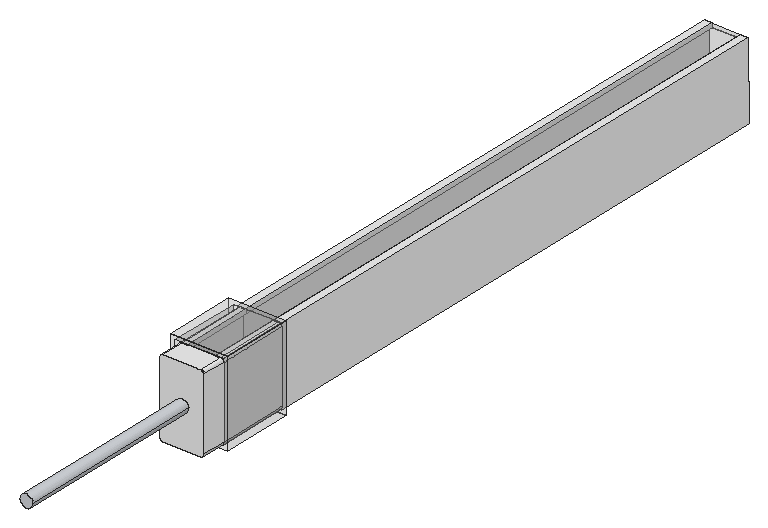
Revit family "Alcon-14145-Revit-Family", category Lighting Fixtures, Revit 2021
Family settings
  Round Connector Dimension = Use Diameter
  Part Type = Normal
  Work Plane-Based = Yes
  Always vertical = Yes
  Cut with Voids When Loaded = No
  Light Source = No
  Shared = No
  Room Calculation Point = No
Parameters
  Translucent = Translucent
  Product Identity = "Alcon Lighting 14145"
  Manufacturer = "Alcon Light"
  Link To Product Page = "https://www.alconlighting.com/alcon-14145.html"
  Lens = Lens
  Length = 0' - 7"
  Housing = Housing
  Default Elevation = 4' - 0"
Reference planes (in)
  plane 1 "Center (Front/Back)": y = 0
  plane 2: z = 0
  plane 3 "Center (Left/Right)": x = 0
Forms (in)
  Extrusion 1, solid, material "Housing" <- "Housing"
    sketch origin (0, 0, 0) x (1, 0, 0) y (0, 0, 1)
      loop
        arc (-0.19375, 0.4) -> (-0.21585, 0.39085) -> (-0.225, 0.36875) r 0.03125
        line (-0.225, 0.36875) -> (-0.225, -0.36875)
        arc (-0.225, -0.36875) -> (-0.21585, -0.39085) -> (-0.19375, -0.4) r 0.03125
        line (-0.19375, -0.4) -> (0.19375, -0.4)
        arc (0.19375, -0.4) -> (0.21585, -0.39085) -> (0.225, -0.36875) r 0.03125
        line (0.225, -0.36875) -> (0.225, 0.36875)
        arc (0.225, 0.36875) -> (0.21585, 0.39085) -> (0.19375, 0.4) r 0.03125
        line (0.19375, 0.4) -> (-0.19375, 0.4)
    from -0.25 to 0
  Extrusion 2, solid
    sketch origin (0, 0, 0) x (1, 0, 0) y (0, 0, 1)
      loop
        circle (0, 0) r 0.06419
    from 0 to 2
  Extrusion 3, solid, material "Housing" <- "Housing"
    sketch origin (0, 0, 0) x (1, 0, 0) y (0, 0, 1)
      loop
        arc (-0.19375, 0.4) -> (-0.21585, 0.39085) -> (-0.225, 0.36875) r 0.03125
        line (-0.225, 0.36875) -> (-0.225, 0.316) -> (-0.27159, 0.316) -> (-0.27159, -0.31591) -> (-0.225, -0.31591) -> (-0.225, -0.36875)
        arc (-0.225, -0.36875) -> (-0.21585, -0.39085) -> (-0.19375, -0.4) r 0.03125
        line (-0.19375, -0.4) -> (0.19375, -0.4)
        arc (0.19375, -0.4) -> (0.21585, -0.39085) -> (0.225, -0.36875) r 0.03125
        line (0.225, -0.36875) -> (0.225, 0.36875)
        arc (0.225, 0.36875) -> (0.21585, 0.39085) -> (0.19375, 0.4) r 0.03125
        line (0.19375, 0.4) -> (0.14591, 0.4) -> (0.14591, 0.35765) -> (0.17759, 0.35765) -> (0.17759, -0.31591) -> (-0.17759, -0.31591) -> (-0.17759, 0.35765) -> (-0.14591, 0.35765) -> (-0.14591, 0.4) -> (-0.19375, 0.4)
    from -1 to -0.25
  Extrusion 4, solid, material "Housing" <- "Housing"
    sketch origin (0, 0, 0) x (1, 0, 0) y (0, 0, 1)
      loop
        line (-0.225, 0.4) -> (-0.225, -0.4) -> (0.225, -0.4) -> (0.225, 0.4) -> (0.14591, 0.4) -> (0.14591, 0.35765) -> (0.17759, 0.35765) -> (0.17759, -0.31591) -> (-0.17759, -0.31591) -> (-0.17759, 0.35765) -> (-0.14591, 0.35765) -> (-0.14591, 0.4) -> (-0.225, 0.4)
    from -7 to -1
  Extrusion 5, solid, material "Lens" <- "Lens"
    sketch origin (0, 0, 0) x (1, 0, 0) y (0, 0, 1)
      loop
        line (-0.14591, 0.4) -> (-0.14591, 0.35765) -> (0.14591, 0.35765) -> (0.14591, 0.4) -> (-0.14591, 0.4)
    from -7 to -0.25
  Extrusion 6, solid, material "Translucent" <- "Translucent"
    sketch origin (0, 0, 0) x (1, 0, 0) y (0, 0, 1)
      loop
        line (-0.27159, 0.4) -> (0.225, 0.4) -> (0.225, -0.4) -> (-0.27159, -0.4) -> (-0.27159, -0.12628) -> (-0.31818, -0.12628) -> (-0.31818, -0.441) -> (0.27241, -0.441) -> (0.27241, 0.441) -> (-0.31818, 0.441) -> (-0.31818, 0.12628) -> (-0.27159, 0.12628) -> (-0.27159, 0.4)
    from -1 to -0.25
  Extrusion 7, solid, material "Housing" <- "Housing"
    sketch origin (0, 0, 0) x (1, 0, 0) y (0, 0, 1)
      loop
        line (-0.27159, -0.12628) -> (-0.27159, 0.12628) -> (-0.30661, 0.12628) -> (-0.30661, -0.12628) -> (-0.27159, -0.12628)
    from -0.52038 to -0.36358
  Extrusion 8, solid, material "Translucent" <- "Translucent"
    sketch origin (0, 0, 0) x (1, 0, 0) y (0, 0, 1)
      loop
        line (-0.27159, -0.12628) -> (-0.27159, 0.12628) -> (-0.31818, 0.12628) -> (-0.31818, -0.12628) -> (-0.27159, -0.12628)
    from -1 to -0.52038
Cuts and joins
  joined: Extrusion 6, Extrusion 8
Lines and regions (in)
  symbolic lines
    curve 1: line (-0.225, 0, 0.4) -> (0.225, 0, 0.4)
    curve 2: line (-0.225, 0, -0.4) -> (-0.225, 0, 0.4)
    curve 3: line (0.225, 0, -0.4) -> (-0.225, 0, -0.4)
    curve 4: line (0.225, 0, 0.4) -> (0.225, 0, -0.4)
Dimensions and locks (in)
  locked: plane 1 "Center (Front/Back)" to Extrusion 1 at 0.25
  plane 1 "Center (Front/Back)" to Extrusion 3 = 0' - 0 1/4"
  locked: plane 1 "Center (Front/Back)" to cut or joined group of Extrusion 6, Extrusion 8 at 1
  "Length": plane 1 "Center (Front/Back)" to Extrusion 5
  aligned and locked: plane 2 to level
  aligned and locked: plane 1 "Center (Front/Back)" to Extrusion 1
  aligned and locked: Extrusion 2 to plane 1 "Center (Front/Back)"
  aligned and locked: cut or joined group of Extrusion 6, Extrusion 8 to Extrusion 1
  aligned and locked: cut or joined group of Extrusion 6, Extrusion 8 to Extrusion 5
  aligned and locked: cut or joined group of Extrusion 6, Extrusion 8 to Extrusion 3  (x2)
  aligned and locked: Extrusion 4 to cut or joined group of Extrusion 6, Extrusion 8
  aligned and locked: Extrusion 8 to Extrusion 7
  aligned and locked: Extrusion 3 to Extrusion 8
  aligned and locked: Extrusion 4 to Extrusion 5
Automatic sketch dimensions
  curve 3 to plane 3 "Center (Left/Right)" = 0' - 0.225"
  plane 3 "Center (Left/Right)" to curve 3 = 0' - 0.225"
  curve 3 to level = 0' - 0.4"
  level to curve 2 = 0' - 0.4"
  Extrusion 1 sketch curve to plane 3 "Center (Left/Right)" = 0' - 0.225"
  Extrusion 1 sketch curve to Extrusion 1 sketch curve = 0' - 0 1/32"  (x3)
  plane 3 "Center (Left/Right)" to Extrusion 1 sketch curve = 0' - 0.19375"  (x2)
  Extrusion 1 sketch curve to level = 0' - 0.4"
  level to Extrusion 1 sketch curve = 0' - 0.36875"
  Extrusion 2 sketch curve to level = 0' - 0"
  Extrusion 2 sketch curve to plane 3 "Center (Left/Right)" = 0' - 0"
  Extrusion 3 sketch curve to plane 3 "Center (Left/Right)" = 0' - 0.27159"
  Extrusion 3 sketch curve to Extrusion 3 sketch curve = 0' - 0.04659"  (x2)
  Extrusion 3 sketch curve to Extrusion 3 sketch curve = 0' - 0 1/32"  (x3)
  Extrusion 3 sketch curve to Extrusion 3 sketch curve = 0' - 0.01616"  (x3)
  Extrusion 3 sketch curve to Extrusion 3 sketch curve = 0' - 0.03168"
  plane 3 "Center (Left/Right)" to Extrusion 3 sketch curve = 0' - 0.14591"
  plane 3 "Center (Left/Right)" to Extrusion 3 sketch curve = 0' - 0.17759"
  Extrusion 3 sketch curve to level = 0' - 0.4"
  Extrusion 3 sketch curve to Extrusion 3 sketch curve = 0' - 0.05284"
  Extrusion 3 sketch curve to Extrusion 3 sketch curve = 0' - 0"
  level to Extrusion 3 sketch curve = 0' - 0.316"
  level to Extrusion 3 sketch curve = 0' - 0.35765"
  Extrusion 3 sketch curve to Extrusion 3 sketch curve = 0' - 0.04165"
  Extrusion 3 sketch curve to Extrusion 3 sketch curve = 0' - 0.0111"  (x2)
  Extrusion 4 sketch curve to plane 3 "Center (Left/Right)" = 0' - 0.225"
  Extrusion 4 sketch curve to Extrusion 4 sketch curve = 0' - 0.04741"  (x2)
  Extrusion 4 sketch curve to Extrusion 4 sketch curve = 0' - 0.03168"
  plane 3 "Center (Left/Right)" to Extrusion 4 sketch curve = 0' - 0.14591"
  plane 3 "Center (Left/Right)" to Extrusion 4 sketch curve = 0' - 0.17759"
  Extrusion 4 sketch curve to level = 0' - 0.4"
  Extrusion 4 sketch curve to Extrusion 4 sketch curve = 0' - 0.08409"
  level to Extrusion 4 sketch curve = 0' - 0.35765"
  Extrusion 4 sketch curve to Extrusion 4 sketch curve = 0' - 0"
  Extrusion 4 sketch curve to Extrusion 4 sketch curve = 0' - 0.04235"  (x2)
  Extrusion 5 sketch curve to plane 3 "Center (Left/Right)" = 0' - 0.14591"
  plane 3 "Center (Left/Right)" to Extrusion 5 sketch curve = 0' - 0.14591"
  level to Extrusion 5 sketch curve = 0' - 0.35765"
  Extrusion 5 sketch curve to Extrusion 5 sketch curve = 0' - 0.04235"
  Extrusion 6 sketch curve to plane 3 "Center (Left/Right)" = 0' - 0.31818"  (x2)
  Extrusion 6 sketch curve to Extrusion 6 sketch curve = 0' - 0.04659"  (x2)
  plane 3 "Center (Left/Right)" to Extrusion 6 sketch curve = 0' - 0.225"
  Extrusion 6 sketch curve to Extrusion 6 sketch curve = 0' - 0.04741"
  Extrusion 6 sketch curve to level = 0' - 0.441"
  Extrusion 6 sketch curve to Extrusion 6 sketch curve = 0' - 0.041"  (x2)
  Extrusion 6 sketch curve to level = 0' - 0.12628"
  level to Extrusion 6 sketch curve = 0' - 0.12628"
  Extrusion 6 sketch curve to Extrusion 6 sketch curve = 0' - 0.27372"
  level to Extrusion 7 sketch curve = 0' - 0.12628"
  Extrusion 7 sketch curve to plane 3 "Center (Left/Right)" = 0' - 0.30661"
  Extrusion 7 sketch curve to Extrusion 7 sketch curve = 0' - 0.03501"
  Extrusion 7 sketch curve to level = 0' - 0.12628"
  level to Extrusion 8 sketch curve = 0' - 0.12628"
  Extrusion 8 sketch curve to plane 3 "Center (Left/Right)" = 0' - 0.31818"
  Extrusion 8 sketch curve to Extrusion 8 sketch curve = 0' - 0.04659"
  Extrusion 8 sketch curve to level = 0' - 0.12628"
  radius of Extrusion 2 sketch curve = 0' - 0.06419"
